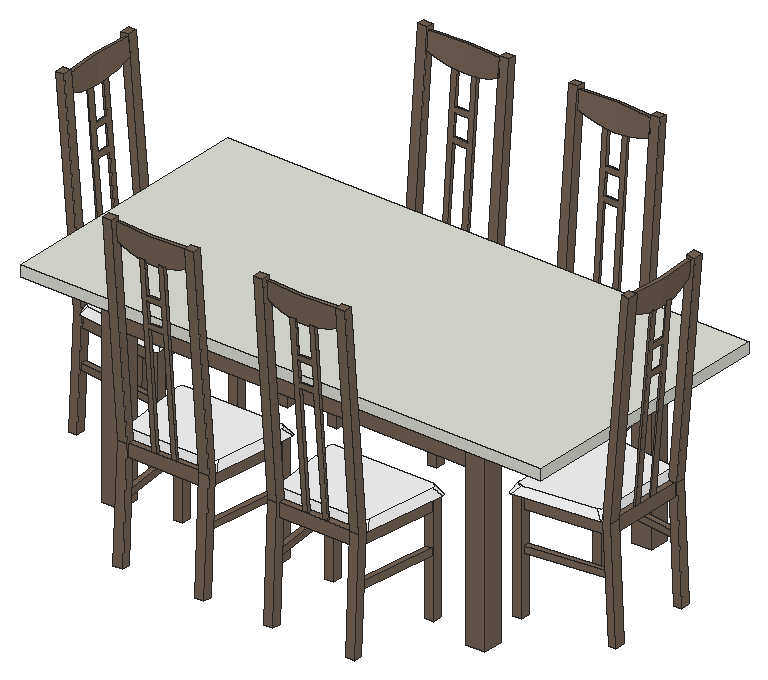
Revit family
Parameters (values of type "Table w 6 Seats")
  Description = "주방가구"
  Cost = 1200000
  Width = 1000 mm
  Vis - End Chairs = yes
  Table Top Thickness = 40 mm
  Table Height = 750 mm
  Material Table = 식탁대리석상판
  Material Chair Structure = Wood - Mahogany
  Material Chair Covering = Wood - Mahogany
  Length = 2000 mm
  Leg Width = 75 mm
  Leg Spacing Width = 800 mm
  Leg Spacing Length = 1400 mm
  Keynote = "N"
  Chair Side Spacing = Leg Spacing Length / 2  # 700 mm
  Centre Piece = Length / 4  # 500 mm
  Assembly Code = ""
Types (2, lengths in mm): name | Description | Cost | Vis - End Chairs | Material Table | Material Chair Structure | Material Chair Covering
  Table w 4 Seats | "" | 0 | no | Wood - Birch | Wood - Birch | Fabric - Beige
  Table w 6 Seats | "주방가구" | 1200000 | yes | 식탁대리석상판 | Wood - Mahogany | Wood - Mahogany
Reference planes
  plane 1 "Center (Front/Back)": y = 44.355
  plane 2: z = 0
  plane 3 "Center (Left/Right)": x = 118.179
  plane 4: z = 750
  plane 5: x = -881.821
  plane 6: x = 1118.179
  plane 7: y = 544.355
  plane 8: y = -455.645
  plane 9: x = -581.821
  plane 10: x = 818.179
  plane 11: y = 444.355
  plane 12: y = -355.645
  plane 13: z = 750
  plane 14: z = 250
  plane 15: x = -131.821
  plane 16: x = 368.179
  plane 17: x = -231.821
  plane 18: x = 468.179
Forms (mm)
  Extrusion 1, solid, material "식탁대리석상판" <- "Material Table"
    sketch origin (-625.421, 0, 750) x (-1, 0, 0) y (0, -1, 0)
      loop
        line (256.4, 455.645) -> (-1743.6, 455.645) -> (-1743.6, -544.355) -> (256.4, -544.355) -> (256.4, 455.645)
    from 0 to -40
  Extrusion 2, solid, material "Wood - Mahogany" <- "Material Chair Structure"
    sketch origin (0, 0, 0) x (1, 0, 0) y (0, 1, 0)
      loop
        line (-619.321, -393.145) -> (-544.321, -393.145) -> (-544.321, -318.145) -> (-619.321, -318.145) -> (-619.321, -393.145)
      loop
        line (855.679, 481.855) -> (780.679, 481.855) -> (780.679, 406.855) -> (855.679, 406.855) -> (855.679, 481.855)
      loop
        line (855.679, -318.145) -> (780.679, -318.145) -> (780.679, -393.145) -> (855.679, -393.145) -> (855.679, -318.145)
      loop
        line (-619.321, 481.855) -> (-619.321, 406.855) -> (-544.321, 406.855) -> (-544.321, 481.855) -> (-619.321, 481.855)
    from 0 to 710
  Extrusion 3, solid, material "Wood - Mahogany" <- "Material Chair Structure"
    sketch origin (0, 0, 0) x (1, 0, 0) y (0, 1, 0)
      loop
        line (780.679, 474.355) -> (-544.321, 474.355) -> (-544.321, 454.355) -> (780.679, 454.355) -> (780.679, 474.355)
      loop
        line (-611.821, 406.855) -> (-611.821, -318.145) -> (-591.821, -318.145) -> (-591.821, 406.855) -> (-611.821, 406.855)
      loop
        line (-544.321, -385.645) -> (780.679, -385.645) -> (780.679, -365.645) -> (-544.321, -365.645) -> (-544.321, -385.645)
      loop
        line (848.179, -318.145) -> (848.179, 406.855) -> (828.179, 406.855) -> (828.179, -318.145) -> (848.179, -318.145)
    from 610 to 710
Dimensions and locks
  equal spacing: plane 7, plane 1 "Center (Front/Back)", plane 8
  "Width": plane 7 to plane 8
  equal spacing: plane 5, plane 3 "Center (Left/Right)", plane 6
  "Length": plane 5 to plane 6
  equal spacing: plane 11, plane 1 "Center (Front/Back)", plane 12
  "Leg Spacing Width": plane 11 to plane 12
  equal spacing: plane 9, plane 3 "Center (Left/Right)", plane 10
  "Leg Spacing Length": plane 9 to plane 10
  "Table Height": plane 13 to plane 2
  equal spacing: Extrusion 2 sketch curve, plane 9, Extrusion 2 sketch curve
  equal spacing: Extrusion 2 sketch curve, plane 12, Extrusion 2 sketch curve
  "Leg Width": Extrusion 2 sketch curve to Extrusion 2 sketch curve  (x4)
  equal spacing: Extrusion 2 sketch curve, plane 10, Extrusion 2 sketch curve
  equal spacing: Extrusion 2 sketch curve, plane 11, Extrusion 2 sketch curve
  equal spacing: plane 15, plane 3 "Center (Left/Right)", plane 16
  "Centre Piece": plane 15 to plane 16
  equal spacing: plane 17, plane 3 "Center (Left/Right)", plane 18
  "Chair Side Spacing": plane 17 to plane 18
  aligned and locked: plane 13 to plane 4
  aligned and locked: Extrusion 2 sketch curve to Extrusion 2 sketch curve  (x8)
  aligned and locked: Extrusion 2 to Extrusion 1
  aligned and locked: Extrusion 2 to Extrusion 3 sketch curve  (x8)
  aligned and locked: Extrusion 3 to Extrusion 1
Automatic sketch dimensions
  Extrusion 1 sketch curve to plane 6 = 0 mm
  Extrusion 1 sketch curve to plane 5 = 0 mm
  Extrusion 1 sketch curve to plane 7 = 0 mm
  Extrusion 1 sketch curve to plane 8 = 0 mm
  Extrusion 3 sketch curve to Extrusion 3 sketch curve = 20 mm  (x4)
  plane 10 to Extrusion 3 sketch curve = 10 mm
  Extrusion 3 sketch curve to plane 12 = 10 mm
  Extrusion 3 sketch curve to plane 9 = 10 mm
  plane 11 to Extrusion 3 sketch curve = 10 mm
Nested families
  nested 1: "UK_Mdrn Dining Chair" at (-171.821, 614.355, 0), type "UK_Mdrn Dining Chair"
  nested 2: "UK_Mdrn Dining Chair" at (408.179, 614.355, 0), type "UK_Mdrn Dining Chair"
  nested 3: "UK_Mdrn Dining Chair" at (-171.821, -525.645, 0), type "UK_Mdrn Dining Chair"
  nested 4: "UK_Mdrn Dining Chair" at (408.179, -525.645, 0), type "UK_Mdrn Dining Chair"
  nested 5: "UK_Mdrn Dining Chair" at (-811.821, 54.355, 0) x (0, -1, 0) z (0, 0, 1), type "UK_Mdrn Dining Chair"
  nested 6: "UK_Mdrn Dining Chair" at (998.179, 44.355, 0) x (0, -1, 0) z (0, 0, 1), type "UK_Mdrn Dining Chair"
Definition of nested family "UK_Mdrn Dining Chair"
  Parameters (values of type "UK_Mdrn Dining Chair")
    Cost = 500000
    Material Structure = Wood - Mahogany
    Material Chair Covering = Fabric - Beige
    Assembly Code = ""
  Reference planes
    plane 1 "Center (Front/Back)": y = 0
    plane 2: z = 0
    plane 3 "Center (Left/Right)": x = 0
    plane 4: x = -192.5
    plane 5: x = 192.5
    plane 6: y = 117
    plane 7: y = -200
    plane 8: z = 425
    plane 9: z = 1225
    plane 10: z = 250
    plane 11: x = -157.5
    plane 12: x = 157.5
    plane 13: through (-192.5, -182.5, 1200) normal (-0.9935, 0.1142, 0)
    plane 14: through (-192.5, -182.5, 1200) normal (-0.9935, 0.1142, 0)
    plane 15: z = 1122.124
    plane 16: z = 1215
  Forms (mm)
    Extrusion 1, solid, material "Wood - Mahogany"
      sketch origin (0, 0, 0) x (1, 0, 0) y (0, 1, 0)
        loop
          line (-210, -217.5) -> (-175, -217.5) -> (-175, -182.5) -> (-210, -182.5) -> (-210, -217.5)
        loop
          line (210, -217.5) -> (210, -182.5) -> (175, -182.5) -> (175, -217.5) -> (210, -217.5)
      from 0 to 425
    Sweep 2, solid, material "Wood - Mahogany"
      path origin (-157.5, 175.942, 1200) x (0, 1, 0) y (0, 0, 1)
        loop
          line (-38.942, -1200) -> (-58.942, -775) -> (11.048, 25)
      profile origin (-157.5, 117, 425) x (0, -0.998895, -0.047007) y (1, 0, 0)
        loop
          line (15, -17.5) -> (15, 17.5) -> (-15, 17.5) -> (-15, -17.5) -> (15, -17.5)
    Sweep 3, solid, material "Wood - Mahogany"
      path origin (157.5, 175.942, 1200) x (0, 1, 0) y (0, 0, -1)
        loop
          line (-38.942, 1200) -> (-58.942, 775) -> (11.048, -25)
      profile origin (157.5, 117, 425) x (0, 0.998895, 0.047007) y (-1, 0, 0)
        loop
          line (-15, -17.5) -> (15, -17.5) -> (15, 17.5) -> (-15, 17.5) -> (-15, -17.5)
    Extrusion 4, solid, material "Wood - Mahogany"
      sketch origin (0, 0, 0) x (1, 0, 0) y (0, 1, 0)
        loop
          line (-182.434, -182.5) -> (-147.434, 122.017) -> (-167.566, 122.017) -> (-202.566, -182.5) -> (-182.434, -182.5)
      from 225.45 to 250.45
    Extrusion 5, solid, material "Wood - Mahogany" <- "Material Structure"
      sketch origin (0, 0, 0) x (1, 0, 0) y (0, 1, 0)
        loop
          line (-169.87, 101.969) -> (-202.566, -182.5) -> (-187.467, -182.5) -> (-154.771, 101.969) -> (-169.87, 101.969)
        loop
          line (-175, -210) -> (175, -210) -> (175, -195) -> (-175, -195) -> (-175, -210)
        loop
          line (-140, 96.447) -> (140, 96.447) -> (140, 126.447) -> (-140, 126.447) -> (-140, 96.447)
        loop
          line (169.87, 101.969) -> (154.771, 101.969) -> (187.467, -182.5) -> (202.566, -182.5) -> (169.87, 101.969)
      from 375 to 425
    Extrusion 6, solid, material "Wood - Mahogany"
      sketch origin (0, 0, 0) x (0, 1, 0) y (1, 0, 0)
        loop
          line (-182.5, 182.434) -> (122.017, 147.434) -> (122.017, 167.566) -> (-182.5, 202.566) -> (-182.5, 182.434)
      from 225.45 to 250.45
    Blend 7, solid, material "Fabric - Beige" <- "Material Chair Covering"
      base sketch origin (-550.149, 0, 425) x (-1, 0, 0) y (0, -1, 0)
        loop
          arc (-761.483, 225) -> (-768.947, 221.655) -> (-771.417, 213.858) r 10
          line (-771.417, 213.858) -> (-735.117, -101.969) -> (-365.18, -101.969) -> (-328.88, 213.858)
          arc (-328.88, 213.858) -> (-331.35, 221.655) -> (-338.814, 225) r 10
          line (-338.814, 225) -> (-761.483, 225)
      top sketch origin (-550.149, 0, 425) x (-1, 0, 0) y (0, -1, 0)
        loop
          line (-377.608, -78.731) -> (-346.983, 187.716)
          arc (-346.983, 187.716) -> (-351.925, 203.31) -> (-366.852, 210) r 20
          line (-366.852, 210) -> (-733.445, 210)
          arc (-733.445, 210) -> (-748.372, 203.31) -> (-753.314, 187.716) r 20
          line (-753.314, 187.716) -> (-722.689, -78.731)
          arc (-722.689, -78.731) -> (-716.131, -91.375) -> (-702.82, -96.447) r 20
          line (-702.82, -96.447) -> (-397.477, -96.447)
          arc (-397.477, -96.447) -> (-384.167, -91.375) -> (-377.608, -78.731) r 20
      from 0 to 30
    Extrusion 8, solid, material "Wood - Mahogany" <- "Material Structure"
      sketch origin (175, 101.969, 425.302) x (0, 0.087156, 0.996195) y (-1, 0, 0)
        loop
          line (0.525, 222.5) -> (0.525, 202.5) -> (450.847, 202.5) -> (450.847, 147.5) -> (0.525, 147.5) -> (0.525, 127.5) -> (700.525, 127.5) -> (700.525, 147.5) -> (571.607, 147.5) -> (571.607, 202.5) -> (700.525, 202.5) -> (700.525, 222.5) -> (0.525, 222.5)
        loop
          line (551.607, 147.5) -> (551.607, 202.5) -> (470.847, 202.5) -> (470.847, 147.5) -> (551.607, 147.5)
      from -22.806 to -15.806
    Extrusion 9, solid, material "Wood - Mahogany"
      sketch origin (40.405, 164.383, 1123.043) x (-1, 0, 0) y (0, -0.996195, 0.087156)
        loop
          arc (180.405, -2.324) -> (40.364, -11.728) -> (-99.595, -1.173) r 987
          line (-99.595, -1.173) -> (-99.595, -13.017)
          arc (-99.595, -13.017) -> (40.405, -22.865) -> (180.405, -13.017) r 1000
          line (180.405, -13.017) -> (180.405, -2.324)
      from -16.887 to 93.085
    Extrusion 10, void
      sketch origin (175, 101.969, 425.302) x (0, -0.087156, -0.996195) y (-1, 0, 0)
        loop
          line (-727.067, 35) -> (-667.067, 35) -> (-667.067, 315) -> (-727.067, 315)
          arc (-727.067, 315) -> (-692.649, 175) -> (-727.067, 35) r 301.947
      from 0 to 26.579
  Cuts and joins
    Extrusion 10 cuts Extrusion 1
    Extrusion 10 cuts Sweep 2
    Extrusion 10 cuts Sweep 3
    Extrusion 10 cuts Extrusion 4
    Extrusion 10 cuts Extrusion 6
    joined: Extrusion 1, Sweep 2, Sweep 3, Extrusion 4, Extrusion 6
    Extrusion 10 cuts Extrusion 5
    joined: Extrusion 5, Extrusion 8
    Extrusion 10 cuts Blend 7
    Extrusion 10 cuts Extrusion 9
  Dimensions and locks
    aligned and locked: plane 8 to Extrusion 1
    aligned and locked: Extrusion 1 to Extrusion 4 sketch curve
    aligned and locked: plane 8 to Extrusion 5
    aligned and locked: cut or joined group of Extrusion 1, Sweep 2, Sweep 3, Extrusion 4, Extrusion 6, Extrusion 10 to Extrusion 9 sketch curve  (x2)
